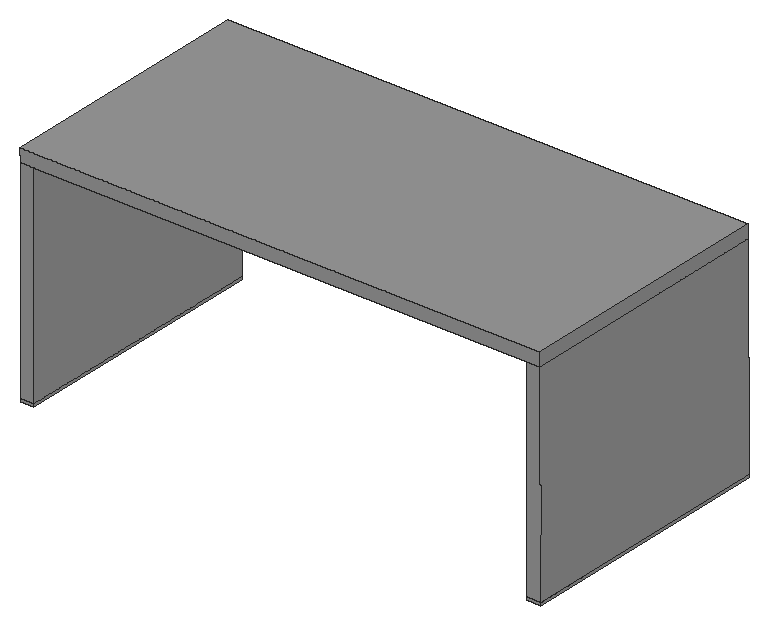
Revit family "Cocoon Community Table 48x96x42", category Generic Models, Revit 2018
Family settings
  Can host rebar = No
  Round Connector Dimension = Use Diameter
  Part Type = Normal
  Work Plane-Based = No
  Always vertical = Yes
  Cut with Voids When Loaded = No
  Shared = No
  Room Calculation Point = No
Parameters
  Frame = Cocoon Community Table 48x96x42 Frame
  Surface = Cocoon Community Table 48x96x42 Surface
Reference planes (in)
  plane 1 "Center (Front/Back)": y = 0
  plane 2: z = 0
  plane 3 "Center (Left/Right)": x = 0
Forms (in)
  Extrusion 1, solid, material "Cocoon Community Table 48x96x42 Frame" <- "Frame"
    sketch origin (0, 0, 0) x (1, 0, 0) y (0, 0, 1)
      loop
        line (-48, 0.5) -> (-48, 0) -> (-45.5, 0) -> (-45.5, 0.5) -> (-48, 0.5)
      loop
        line (48, 0.5) -> (45.5, 0.5) -> (45.5, 0) -> (48, 0) -> (48, 0.5)
    from -24 to 24
  Extrusion 2, solid, material "Cocoon Community Table 48x96x42 Surface" <- "Surface"
    sketch origin (0, 0, 13) x (1, 0, 0) y (0, 0, 1)
      loop
        line (-48, 29) -> (-48, 26.5) -> (48, 26.5) -> (48, 29) -> (-48, 29)
    from -24 to 24
  Extrusion 3, solid, material "Cocoon Community Table 48x96x42 Frame" <- "Frame"
    sketch origin (0, 0, 0) x (1, 0, 0) y (0, 0, 1)
      loop
        line (-48, 39.5) -> (-48, 0.5) -> (-45.5, 0.5) -> (-45.5, 39.5) -> (-48, 39.5)
      loop
        line (45.5, 39.5) -> (45.5, 0.5) -> (48, 0.5) -> (48, 39.5) -> (45.5, 39.5)
    from -24 to 24
  Extrusion 4, solid, material "Cocoon Community Table 48x96x42 Frame" <- "Frame"
    sketch origin (0, -90.74848, -8.58144) x (0, 1, 0) y (0, 0, 1)
      loop
        line (91.99848, 48.08144) -> (89.49848, 48.08144) -> (89.49848, 36.08144) -> (91.99848, 36.08144) -> (91.99848, 48.08144)
    from -45.5 to 45.5
Dimensions and locks (in)
  aligned and locked: level to plane 2
